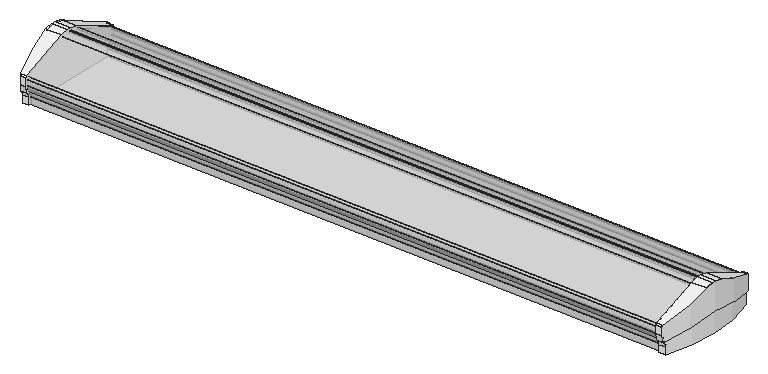
Revit family "0044879 Lighting Fixture_Sylvania_DeltaWing-LED-Emergency 3h_Ceiling Surface", category Lighting Fixtures, host Face, Revit 2017
Family settings
  Host = Face
  Round Connector Dimension = Use Diameter
  Part Type = Normal
  OmniClass Number = 23.80.70.11.17
  OmniClass Title = Specialized Lighting by Location or Use
  Cut with Voids When Loaded = No
  Light Source = Yes
  Shared = No
  Room Calculation Point = No
Parameters (values of type "DELTAWING LED51 EB 4K E3 1200")
  Width = 200.0 mm
  Weight = 3.60 kg
  Wattage = 53 W
  built-in parameter 1150110 = 1 (stored number, unit not read)
  Voltage Comments = "UNV (Universal Voltage; 220-240 Volt)"  # constant formula
  Voltage = 230 V  # constant formula
  URL = "http://www.sylvania-lighting.com"
  built-in parameter 1114217 = 1 (stored number, unit not read)
  Tilt Angle = -90.00°
  built-in parameter 1150109 = 1 (stored number, unit not read)
  built-in parameter 1150134 = 12
  Ta Rating = "-10°C  to +25°C"  # constant formula
  built-in parameter 1150113 = 1 (stored number, unit not read)
  Product Page URL = "http://www.sylvania-lighting.com/product/en-int/products/0044879"
  Product Family = "DELTAWING LED - EMERGENCY 3 HOUR"  # constant formula
  Photometry Comments = ""
  Photometric Web File = "0044879_DELTAWINGLED51EB4KE31200-197992.ies"
  Luminous flux (emergency) = 580 lm
  Life = "50 000h"  # constant formula
  Length = 1218.0 mm
  LOR = "100%"
  Inrush Current (max. quantity per 16A C breaker) = "20"  # constant formula
  IP Rating = "IP44"  # constant formula
  IK Rating = "IK08"  # constant formula
  Height = 85.0 mm
  Glow Wire Test = 850 °C  # constant formula
  Glare Control = "UGR<23"  # constant formula
  Emit from Line Length = Length - 2.0 mm * 29  # 1160.0 mm
  Emergency duration (h) = "3 hour"  # constant formula
  Electrical Protection = "Class I"  # constant formula
  Drive Current = "350mA"  # constant formula
  built-in parameter 1114216 [instance] = 1 (stored number, unit not read)
  Cap Material = Plastic_Sylvania_DeltaWing_White
  Model = "DELTAWING LED51 EB 4K E3 1200"
  Manufacturer = "Feilo Sylvania"
  built-in parameter 1150105 = 409.32 (stored number, unit not read)
  Lumens = 5143.65 lm
  built-in parameter 1150115 = 1 (stored number, unit not read)
  built-in parameter 1150137 = (empty or 0)
  built-in parameter 1150139 = (empty or 0)
  built-in parameter 1150112 = 1 (stored number, unit not read)
  built-in parameter 1150114 = 1 (stored number, unit not read)
  Lamp = "\tIntegrated LED"  # constant formula
  built-in parameter 1150132 = 2
  built-in parameter 1150102 = (empty or 0)
  built-in parameter 1150107 = 4000 (stored number, unit not read)
  built-in parameter 1150138 = (empty or 0)
  built-in parameter 1150106 = 4.0932 (stored number, unit not read)
  CRI (Ra) = "> 80"  # constant formula
  Body Material = Steel_Sylvania_DeltaWing_White
  built-in parameter 1150104 = 9.0162 (stored number, unit not read)
  Dimming Lamp Color Temperature Shift = <None>
  Diffuser Material = Polycarbonate_Sylvania_DeltaWing_Opal_4000K
  Description = "Low profile surface and suspended LED diffuser luminaire DeltaWing LED is perfect to fulfil a wide range of applications, including educational environments, medical buildings, storage facilities and circulation areas including stairwells High performance: delivers up to 7,260lm (luminaire lumen output on 4,000K version), and up to 102lm/W (total system efficiency) Available in neutral white (4,000K) and warm white (3,000K) Smooth Polycarbonate extruded diffuser provides high efficiency, while minimising glare Precision prisms designed to optimise light output and reduce glare Options of non-dimmable, DALI, 3 hour maintained Emergency and Integrated Microwave sensor as standard Integrated Microwave sensor mounted discretely behind the diffuser helps further reduce energy and maintenance bills Suitable for suspended mounting using wire suspension kit (to be ordered seperately) BESA box connection possibility standard on product Long lifetime: 50,000 hours life at 70% of the original output L70 Energy class: A++, A+, A"  # constant formula
  Default Elevation = 0.0 mm
  Color Filter = 16777215
  Catalog Number = "0044879 DELTAWING LED51 EB 4K E3 1200"
  built-in parameter 1140040 [instance] = 1
  built-in parameter 1114218 = 1 (stored number, unit not read)
  built-in parameter 1150133 = 10 (stored number, unit not read)
  Assembly Code = "D5020200"
  Apparent Load = 53 VA
Reference planes
  plane 1 "Center (Front/Back)": y = 0
  plane 2 "Fixture Top": z = 0
  plane 3 "Center (Left/Right)": x = 0
  plane 4 "Fixture Left": x = -609
  plane 5 "Fixture Right": x = 609
  plane 6 "Fixture Back": y = 100
  plane 7 "Fixture Front": y = -100
  plane 8 "Cap left": x = -580
  plane 9 "Cap Right": x = 580
  plane 10 "Lamp Plane": z = 22
  plane 11 "Fixture Bottom": z = 85
  plane 12: y = 20
  plane 13: y = -20
Forms (mm)
  Extrusion 1, solid, material "Steel_Sylvania_DeltaWing_White" <- "Body Material", detail levels fine
    sketch origin (0, 0, 0) x (0, 1, 0) y (0, 0, 1)
      loop
        line (-88.5, 0) -> (88.5, 0) -> (88.5, 13.239) -> (90.848, 22) -> (88.777, 22) -> (86.5, 13.502) -> (86.5, 2) -> (-86.5, 2) -> (-86.5, 13.502) -> (-88.777, 22) -> (-90.848, 22) -> (-88.5, 13.239) -> (-88.5, 0)
    from -580 to 580
  Extrusion 2, solid, material "Polycarbonate_Sylvania_DeltaWing_Opal_4000K" <- "Diffuser Material", detail levels fine
    sketch origin (0, 0, 0) x (0, 1, 0) y (0, 0, 1)
      loop
        line (96, 33.502) -> (94.018, 26.104) -> (92.041, 26.455) -> (88.5, 13.239) -> (88.5, 0) -> (90.5, 0) -> (90.5, 12.975) -> (93.498, 24.165) -> (95.475, 23.815) -> (98, 33.238) -> (98, 44.42)
        arc (98, 44.42) -> (97.319, 46.653) -> (95.506, 48.125) r 4
        line (95.506, 48.125) -> (16.971, 80.055)
        arc (16.971, 80.055) -> (9.581, 82.257) -> (1.906, 83) r 40
        line (1.906, 83) -> (-1.906, 83)
        arc (-1.906, 83) -> (-9.581, 82.257) -> (-16.971, 80.055) r 40
        line (-16.971, 80.055) -> (-95.506, 48.125)
        arc (-95.506, 48.125) -> (-97.319, 46.653) -> (-98, 44.42) r 4
        line (-98, 44.42) -> (-98, 33.238) -> (-95.475, 23.815) -> (-93.498, 24.165) -> (-90.5, 12.975) -> (-90.5, 0) -> (-88.5, 0) -> (-88.5, 13.239) -> (-92.041, 26.455) -> (-94.018, 26.104) -> (-96, 33.502) -> (-96, 43.074)
        arc (-96, 43.074) -> (-95.319, 45.307) -> (-93.506, 46.779) r 4
        line (-93.506, 46.779) -> (-15.978, 78.299)
        arc (-15.978, 78.299) -> (-9.922, 80.17) -> (-3.638, 81) r 37.685
        line (-3.638, 81) -> (3.638, 81)
        arc (3.638, 81) -> (9.922, 80.17) -> (15.978, 78.299) r 37.685
        line (15.978, 78.299) -> (93.506, 46.779)
        arc (93.506, 46.779) -> (95.319, 45.307) -> (96, 43.074) r 4
        line (96, 43.074) -> (96, 33.502)
    from -580 to 580
  Extrusion 3, solid, material "Steel_Sylvania_DeltaWing_White" <- "Body Material", detail levels coarse+medium
    sketch origin (0, 0, 0) x (0, 1, 0) y (0, 0, 1)
      loop
        line (-16.971, 80.055) -> (-95.506, 48.125)
        arc (-95.506, 48.125) -> (-97.319, 46.653) -> (-98, 44.42) r 4
        line (-98, 44.42) -> (-98, 33.238) -> (-95.475, 23.815) -> (-93.498, 24.165) -> (-90.5, 12.975) -> (-90.5, 0) -> (90.5, 0) -> (90.5, 12.975) -> (93.498, 24.165) -> (95.475, 23.815) -> (98, 33.238) -> (98, 44.42)
        arc (98, 44.42) -> (97.319, 46.653) -> (95.506, 48.125) r 4
        line (95.506, 48.125) -> (16.971, 80.055)
        arc (16.971, 80.055) -> (9.581, 82.257) -> (1.906, 83) r 40
        line (1.906, 83) -> (-1.906, 83)
        arc (-1.906, 83) -> (-9.581, 82.257) -> (-16.971, 80.055) r 40
    from -580 to 580
Dimensions and locks
  equal spacing: plane 4 "Fixture Left", plane 3 "Center (Left/Right)", plane 5 "Fixture Right"
  "Length": plane 4 "Fixture Left" to plane 5 "Fixture Right"
  locked: plane 4 "Fixture Left" to plane 8 "Cap left" at 29
  locked: plane 9 "Cap Right" to plane 5 "Fixture Right" at 29
  "Height": plane 11 "Fixture Bottom" to plane 2 "Fixture Top"
  equal spacing: plane 6 "Fixture Back", plane 1 "Center (Front/Back)", plane 7 "Fixture Front"
  "Width": plane 6 "Fixture Back" to plane 7 "Fixture Front"
  equal spacing: plane 12, plane 1 "Center (Front/Back)", plane 13
  locked: Extrusion 1 sketch curve to Extrusion 1 sketch curve at 2
  locked: plane 10 "Lamp Plane" to Extrusion 1 sketch curve at 8.498  (x2)
  aligned and locked: level to host face
  aligned and locked: nested 1 to plane 1 "Center (Front/Back)"
  aligned and locked: nested 1 to plane 5 "Fixture Right"
  aligned and locked: nested 2 to plane 4 "Fixture Left"
  aligned and locked: plane 2 "Fixture Top" to Extrusion 1 sketch curve
  aligned and locked: Extrusion 1 to plane 8 "Cap left"
  aligned and locked: plane 9 "Cap Right" to Extrusion 1
  aligned and locked: Extrusion 2 to plane 8 "Cap left"
  aligned and locked: plane 9 "Cap Right" to Extrusion 2
  aligned and locked: Extrusion 3 sketch curve to Extrusion 2  (x2)
  aligned and locked: Extrusion 3 to plane 8 "Cap left"
  aligned and locked: plane 9 "Cap Right" to Extrusion 3
  aligned and locked: plane 2 "Fixture Top" to nested 2
  aligned and locked: nested 1 to plane 2 "Fixture Top"
  aligned and locked: plane 10 "Lamp Plane" to Extrusion 1 sketch curve  (x2)
  aligned and locked: Extrusion 3 sketch curve to plane 2 "Fixture Top"
  aligned and locked: plane 2 "Fixture Top" to Extrusion 2 sketch curve
  aligned and locked: Extrusion 2 sketch curve to plane 2 "Fixture Top"
  aligned and locked: imposter light to plane 1 "Center (Front/Back)"
  aligned and locked: plane 3 "Center (Left/Right)" to imposter light
  aligned and locked: plane 11 "Fixture Bottom" to imposter light
Automatic sketch dimensions
  host sketch curve to host sketch curve = 1713.741 mm
  host sketch curve to host sketch curve = 1283.632 mm
  plane 7 "Fixture Front" to Extrusion 2 sketch curve = 2.0 mm
  Extrusion 2 sketch curve to plane 10 "Lamp Plane" = 9.025 mm  (x2)
  Extrusion 2 sketch curve to Extrusion 2 sketch curve = 2.0 mm  (x8)
  Extrusion 2 sketch curve to Extrusion 2 sketch curve = 2.494 mm
  plane 10 "Lamp Plane" to Extrusion 2 sketch curve = 1.815 mm  (x2)
  plane 7 "Fixture Front" to Extrusion 2 sketch curve = 4.525 mm
  Extrusion 2 sketch curve to Extrusion 2 sketch curve = 1.457 mm  (x2)
  plane 10 "Lamp Plane" to Extrusion 2 sketch curve = 2.165 mm  (x2)
  Extrusion 2 sketch curve to Extrusion 2 sketch curve = 0.52 mm
  Extrusion 2 sketch curve to Extrusion 2 sketch curve = 1.977 mm  (x3)
  plane 7 "Fixture Front" to Extrusion 2 sketch curve = 9.5 mm
  plane 13 to Extrusion 2 sketch curve = 3.029 mm
  Extrusion 2 sketch curve to Extrusion 2 sketch curve = 0.993 mm  (x2)
  plane 1 "Center (Front/Back)" to Extrusion 2 sketch curve = 3.638 mm
  plane 1 "Center (Front/Back)" to Extrusion 2 sketch curve = 1.906 mm
  Extrusion 2 sketch curve to plane 1 "Center (Front/Back)" = 1.906 mm
  Extrusion 2 sketch curve to Extrusion 2 sketch curve = 1.732 mm
  plane 12 to Extrusion 2 sketch curve = 4.022 mm
  Extrusion 2 sketch curve to plane 6 "Fixture Back" = 11.5 mm
  Extrusion 2 sketch curve to plane 6 "Fixture Back" = 7.959 mm
  Extrusion 2 sketch curve to plane 6 "Fixture Back" = 6.494 mm
  Extrusion 2 sketch curve to plane 6 "Fixture Back" = 4.0 mm
  Extrusion 2 sketch curve to plane 6 "Fixture Back" = 2.0 mm
  Extrusion 2 sketch curve to Extrusion 2 sketch curve = 0.041 mm  (x2)
  Extrusion 2 sketch curve to Extrusion 2 sketch curve = 1.506 mm
  Extrusion 2 sketch curve to Extrusion 2 sketch curve = 0.494 mm
  Extrusion 2 sketch curve to Extrusion 2 sketch curve = 0.263 mm  (x4)
  Extrusion 2 sketch curve to Extrusion 2 sketch curve = 1.939 mm  (x2)
  Extrusion 2 sketch curve to Extrusion 2 sketch curve = 0.351 mm  (x2)
  Extrusion 2 sketch curve to Extrusion 2 sketch curve = 7.134 mm  (x2)
  Extrusion 2 sketch curve to Extrusion 2 sketch curve = 9.572 mm  (x2)
  Extrusion 2 sketch curve to Extrusion 2 sketch curve = 1.346 mm  (x2)
  Extrusion 2 sketch curve to plane 11 "Fixture Bottom" = 6.701 mm
  Extrusion 2 sketch curve to Extrusion 2 sketch curve = 0.0 mm
  Extrusion 2 sketch curve to Extrusion 2 sketch curve = 1.755 mm  (x2)
  Extrusion 2 sketch curve to Extrusion 2 sketch curve = 2.701 mm
  Extrusion 1 sketch curve to Extrusion 1 sketch curve = 2.0 mm  (x2)
  Extrusion 1 sketch curve to Extrusion 1 sketch curve = 0.263 mm  (x2)
  Extrusion 1 sketch curve to Extrusion 1 sketch curve = 2.071 mm  (x2)
  plane 7 "Fixture Front" to Extrusion 1 sketch curve = 9.152 mm
  plane 13 to Extrusion 3 sketch curve = 3.029 mm
  Extrusion 3 sketch curve to Extrusion 3 sketch curve = 1.506 mm  (x2)
  Extrusion 3 sketch curve to Extrusion 3 sketch curve = 11.181 mm  (x2)
  plane 10 "Lamp Plane" to Extrusion 3 sketch curve = 1.815 mm  (x2)
  plane 7 "Fixture Front" to Extrusion 3 sketch curve = 4.525 mm
  plane 10 "Lamp Plane" to Extrusion 3 sketch curve = 2.165 mm  (x2)
  Extrusion 3 sketch curve to Extrusion 3 sketch curve = 1.977 mm  (x2)
  plane 7 "Fixture Front" to Extrusion 3 sketch curve = 9.5 mm
  Extrusion 3 sketch curve to plane 10 "Lamp Plane" = 9.025 mm  (x2)
  plane 1 "Center (Front/Back)" to Extrusion 3 sketch curve = 1.906 mm
  plane 10 "Lamp Plane" to Extrusion 3 sketch curve = 21.0 mm
  plane 12 to Extrusion 3 sketch curve = 3.029 mm
  Extrusion 3 sketch curve to plane 1 "Center (Front/Back)" = 1.906 mm
  Extrusion 3 sketch curve to plane 6 "Fixture Back" = 4.494 mm
  Extrusion 3 sketch curve to Extrusion 3 sketch curve = 0.0 mm
  plane 10 "Lamp Plane" to Extrusion 3 sketch curve = 26.125 mm
  Extrusion 3 sketch curve to plane 6 "Fixture Back" = 2.0 mm
  Extrusion 3 sketch curve to plane 6 "Fixture Back" = 4.525 mm
  Extrusion 3 sketch curve to plane 6 "Fixture Back" = 9.5 mm
  Extrusion 1 sketch curve to plane 6 "Fixture Back" = 11.223 mm
  plane 7 "Fixture Front" to Extrusion 1 sketch curve = 11.5 mm
  Extrusion 1 sketch curve to plane 6 "Fixture Back" = 13.5 mm
Nested families
  nested 1: "Cap" at (580, 0, 0) x (0, 1, 0) z (0, 0, 1), type "Type"
  nested 2: "Cap" at (-580, 0, 0) x (0, 1, 0) z (0, 0, 1), type "Type"
Connectors
  electrical at (0, 0, 0), driven by "Voltage", driven by "Apparent Load"
    settings: on Extrusion 1, index 1, voltage 230 V, apparent load 0 VA, apparent load phase1 53 VA, apparent load phase2 0 VA, apparent load phase3 0 VA, power factor 1, load classification "Lighting", number of poles 1, system type 31, power factor state 1, is connector primary yes, connector utility no, sub classification motor no, connector description ""
Definition of nested family "Cap"
  Parameters
    Height = 85.0 mm
    Width = 200.0 mm
    Default Elevation = 0.0 mm
    Cap Material = none
  Reference planes
    plane 1 "Center (Front/Back)": y = 0
    plane 2: z = 0
    plane 3 "Center (Left/Right)": x = 0
    plane 4: x = 100
    plane 5: x = -100
    plane 6: y = -29
    plane 7: y = -10
    plane 8: z = 85
    plane 9: z = 17
    plane 10: z = 22
    plane 11: z = 37
  Forms (mm)
    Extrusion 1, solid, material <- "Cap Material"
      sketch origin (0, 0, 0) x (1, 0, 0) y (0, 1, 0)
        loop
          line (-100, 0) -> (-100, -10)
          arc (-100, -10) -> (0, -28.818) -> (100, -10) r 275.114
          line (100, -10) -> (100, 0) -> (-100, 0)
      from 0 to 85
    Extrusion 2, void
      sketch origin (0, 0, 0) x (1, 0, 0) y (0, 0, 1)
        loop
          line (-92.5, 0) -> (-92.5, 12.712) -> (-94.955, 21.876) -> (-96.887, 21.358) -> (-101.913, 40.115)
          arc (-101.913, 40.115) -> (-101.345, 45.755) -> (-97.183, 49.603) r 8
          line (-97.183, 49.603) -> (-17.481, 82.006)
          arc (-17.481, 82.006) -> (-8.901, 84.444) -> (0, 85) r 41.685
          arc (0, 85) -> (8.901, 84.444) -> (17.481, 82.006) r 41.685
          line (17.481, 82.006) -> (97.183, 49.603)
          arc (97.183, 49.603) -> (101.345, 45.755) -> (101.913, 40.115) r 8
          line (101.913, 40.115) -> (96.887, 21.358) -> (94.955, 21.876) -> (92.5, 12.712) -> (92.5, 0) -> (117.5, 0) -> (117.5, 106.013) -> (-117.5, 106.013) -> (-117.5, 0) -> (-92.5, 0)
      from 0 to 250
    Extrusion 3, void
      sketch origin (0, 0, 0) x (1, 0, 0) y (0, 0, 1)
        loop
          line (-94.955, 21.876) -> (-100, 20.524) -> (-100, 0) -> (100, 0) -> (100, 20.524) -> (94.955, 21.876) -> (10.419, 36.87)
          arc (10.419, 36.87) -> (0, 37.781) -> (-10.419, 36.87) r 60
          line (-10.419, 36.87) -> (-94.955, 21.876)
      from -68.585 to 250
    Extrusion 4, solid, material <- "Cap Material"
      sketch origin (0, 0, 0) x (1, 0, 0) y (0, 1, 0)
        loop
          line (-100, 0) -> (-100, -9.525)
          arc (-100, -9.525) -> (0.169, -27.445) -> (100, -7.727) r 275.114
          line (100, -7.727) -> (100, 0) -> (-100, 0)
      from 0 to 85
    Extrusion 5, void
      sketch origin (0, 0, 0) x (1, 0, 0) y (0, 0, 1)
        loop
          line (-92.5, 0) -> (-92.5, 12.712) -> (-94.955, 21.876) -> (-96.887, 21.358) -> (-101.913, 40.115)
          arc (-101.913, 40.115) -> (-101.345, 45.755) -> (-97.183, 49.603) r 8
          line (-97.183, 49.603) -> (-17.481, 82.006)
          arc (-17.481, 82.006) -> (-8.901, 84.444) -> (0, 85) r 41.685
          arc (0, 85) -> (8.901, 84.444) -> (17.481, 82.006) r 41.685
          line (17.481, 82.006) -> (97.183, 49.603)
          arc (97.183, 49.603) -> (101.345, 45.755) -> (101.913, 40.115) r 8
          line (101.913, 40.115) -> (96.887, 21.358) -> (94.955, 21.876) -> (92.5, 12.712) -> (92.5, 0) -> (117.5, 0) -> (117.5, 106.013) -> (-117.5, 106.013) -> (-117.5, 0) -> (-92.5, 0)
      from 0 to 250
  Cuts and joins
    Extrusion 2, Extrusion 3, Extrusion 5 cuts Extrusion 1
    Extrusion 5 cuts Extrusion 4
    joined: Extrusion 1, Extrusion 4
  Dimensions and locks
    equal spacing: plane 5, plane 3 "Center (Left/Right)", plane 4
    "Width": plane 5 to plane 4
    locked: plane 1 "Center (Front/Back)" to plane 6 at 29
    plane 1 "Center (Front/Back)" to plane 7 = 10.0 mm
    "Height": plane 8 to level
    plane 9 to plane 2 = 17.0 mm
    plane 10 to plane 9 = 5.0 mm
    Extrusion 2 sketch curve to plane 5 = 7.5 mm
    aligned and locked: level to plane 2
    aligned and locked: plane 1 "Center (Front/Back)" to Extrusion 1 sketch curve
    aligned and locked: Extrusion 1 sketch curve to plane 5
    aligned and locked: Extrusion 1 sketch curve to plane 4
    aligned and locked: plane 7 to Extrusion 1 sketch curve  (x2)
    aligned and locked: Extrusion 1 to plane 2
    aligned and locked: plane 8 to Extrusion 1
  Automatic sketch dimensions
    Extrusion 1 sketch curve to plane 1 "Center (Front/Back)" = 246.296 mm
    Extrusion 2 sketch curve to plane 5 = 17.5 mm
    Extrusion 2 sketch curve to plane 9 = 4.288 mm
    Extrusion 2 sketch curve to plane 3 "Center (Left/Right)" = 0.0 mm
    Extrusion 2 sketch curve to plane 8 = 0.0 mm
    Extrusion 2 sketch curve to plane 5 = 1.913 mm
    plane 5 to Extrusion 2 sketch curve = 2.817 mm
    plane 10 to Extrusion 2 sketch curve = 0.642 mm  (x2)
    plane 5 to Extrusion 2 sketch curve = 3.113 mm
    plane 10 to Extrusion 2 sketch curve = 0.124 mm  (x2)
    Extrusion 2 sketch curve to plane 8 = 2.994 mm  (x2)
    Extrusion 2 sketch curve to plane 3 "Center (Left/Right)" = 17.481 mm
    plane 3 "Center (Left/Right)" to Extrusion 2 sketch curve = 17.481 mm
    Extrusion 2 sketch curve to plane 4 = 7.5 mm
    Extrusion 2 sketch curve to plane 4 = 5.045 mm
    Extrusion 2 sketch curve to Extrusion 2 sketch curve = 1.932 mm
    Extrusion 2 sketch curve to plane 4 = 2.817 mm
    plane 4 to Extrusion 2 sketch curve = 1.913 mm
    plane 4 to Extrusion 2 sketch curve = 17.5 mm
    plane 5 to Extrusion 2 sketch curve = 5.814 mm
    Extrusion 2 sketch curve to plane 3 "Center (Left/Right)" = 1.865 mm
    plane 3 "Center (Left/Right)" to Extrusion 2 sketch curve = 1.865 mm
    Extrusion 2 sketch curve to plane 4 = 5.814 mm
    Extrusion 2 sketch curve to Extrusion 2 sketch curve = 9.488 mm  (x2)
    plane 8 to Extrusion 2 sketch curve = 21.013 mm
    Extrusion 2 sketch curve to level = 0.0 mm  (x2)
    Extrusion 3 sketch curve to plane 3 "Center (Left/Right)" = 0.0 mm
    plane 10 to Extrusion 3 sketch curve = 0.124 mm  (x2)
    Extrusion 3 sketch curve to plane 3 "Center (Left/Right)" = 10.419 mm
    plane 3 "Center (Left/Right)" to Extrusion 3 sketch curve = 10.419 mm
    plane 11 to Extrusion 3 sketch curve = 0.13 mm
    plane 10 to Extrusion 3 sketch curve = 1.476 mm  (x2)
    Extrusion 3 sketch curve to level = 0.0 mm
    Extrusion 3 sketch curve to plane 5 = 0.0 mm
    Extrusion 3 sketch curve to Extrusion 3 sketch curve = 22.219 mm
    plane 5 to Extrusion 3 sketch curve = 5.045 mm
    Extrusion 3 sketch curve to plane 4 = 5.045 mm
    plane 4 to Extrusion 3 sketch curve = 0.0 mm
    plane 1 "Center (Front/Back)" to Extrusion 4 sketch curve = 0.0 mm
    Extrusion 4 sketch curve to plane 5 = 0.0 mm
    Extrusion 4 sketch curve to plane 4 = 0.0 mm
    plane 7 to Extrusion 4 sketch curve = 2.273 mm
    plane 7 to Extrusion 4 sketch curve = 0.475 mm
    Extrusion 4 sketch curve to plane 1 "Center (Front/Back)" = 247.658 mm
    Extrusion 5 sketch curve to level = 0.0 mm  (x2)
    Extrusion 5 sketch curve to plane 5 = 17.5 mm
    Extrusion 5 sketch curve to plane 9 = 4.288 mm  (x2)
    Extrusion 5 sketch curve to plane 3 "Center (Left/Right)" = 0.0 mm
    Extrusion 5 sketch curve to plane 8 = 0.0 mm
    Extrusion 5 sketch curve to plane 5 = 1.913 mm
    plane 5 to Extrusion 5 sketch curve = 2.817 mm
    plane 10 to Extrusion 5 sketch curve = 0.642 mm  (x2)
    plane 5 to Extrusion 5 sketch curve = 3.113 mm
    plane 10 to Extrusion 5 sketch curve = 0.124 mm  (x2)
    Extrusion 5 sketch curve to Extrusion 5 sketch curve = 1.932 mm
    Extrusion 5 sketch curve to plane 8 = 2.994 mm  (x2)
    Extrusion 5 sketch curve to plane 3 "Center (Left/Right)" = 17.481 mm
    plane 3 "Center (Left/Right)" to Extrusion 5 sketch curve = 17.481 mm
    Extrusion 5 sketch curve to plane 4 = 7.5 mm
    Extrusion 5 sketch curve to plane 4 = 5.045 mm
    Extrusion 5 sketch curve to plane 4 = 2.817 mm
    plane 4 to Extrusion 5 sketch curve = 1.913 mm
    plane 4 to Extrusion 5 sketch curve = 17.5 mm
    plane 5 to Extrusion 5 sketch curve = 5.814 mm
    Extrusion 5 sketch curve to plane 3 "Center (Left/Right)" = 1.865 mm
    plane 3 "Center (Left/Right)" to Extrusion 5 sketch curve = 1.865 mm
    Extrusion 5 sketch curve to plane 4 = 5.814 mm
    Extrusion 5 sketch curve to Extrusion 5 sketch curve = 9.488 mm  (x2)
    plane 8 to Extrusion 5 sketch curve = 21.013 mm
